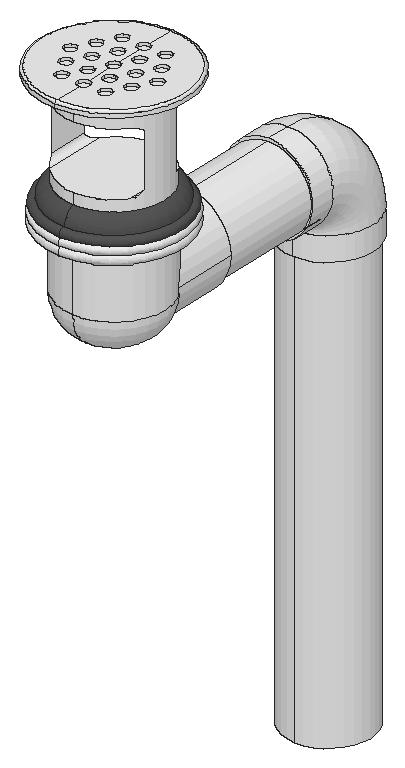
Revit family "Drain_Offset_Open-Grid_Commercial_American-Standard_7723018.002", category Plumbing Fixtures, Revit 2019
Family settings
  Round Connector Dimension = Use Diameter
  Part Type = Normal
  OmniClass Number = 23.45.05.14.99
  OmniClass Title = Other Sanitary Washing Plumbing Fixtures
  Work Plane-Based = Yes
  Always vertical = No
  Cut with Voids When Loaded = No
  Shared = Yes
  Room Calculation Point = No
Parameters (values of type "7723018.002")
  Width = 2 3/16"
  Waste Connection = yes
  WFU = 4  # constant formula
  Vent Connection = no
  URL = "https://www.americanstandard.ca/"
  Shipping Weight = ""
  Revised Date = "09/25/2024"
  Product Page URL = "https://www.americanstandard.ca/mechanical-commercial-fittings/offset-grid-strainer-drain-for-sinks/chrome-7723018002"
  Product Documentation Link = "https://lixil.cdn.celum.cloud/172556_as_us_bath_spec__7723%20(6939)_original.pdf"
  Price = "Prices may vary. Please consult Manufacturer Representative for most up-to-date price list."  # constant formula
  Model = "7723018.002"
  Min Max Adjustable Length = if(A < 1 1/4", 1 1/4", if(A > 1 1/2", 1 1/2", A))  # 1 1/2"
  Material = "Brass-American Standard-002-Polished Chrome"
  Manufacturer = "American Standard"
  Installation Type = "Surface Mounted"
  IAPMO Compliance = "ASME A112.18.2, CSA B 125.2"
  HWFU = 3  # constant formula
  HW Connection = no
  Finish = Brass-American Standard-002-Polished Chrome
  Description = "Offset grid drain with overflow for wheelchair lavatory. 4-3/4\" to 5\" offset. Brass construction."
  Default Elevation = 0"
  Creation Date = ""
  CWFU = 3  # constant formula
  CW Connection = no
  Assembly Code = "D2030400"
  ADA Compliant = yes
  A = 3"
Reference planes
  plane 1 "Center (Front/Back)": y = 0
  plane 2: z = 0
  plane 3 "Center (Left/Right)": x = 0
  plane 4: y = 19.05
  plane 5: x = 27.781
  plane 6: x = -27.781
  plane 7: y = 27.781
  plane 8: z = -266.7
  plane 9: y = 101.6
  plane 10: z = -73.025
  plane 11: z = -38.1
Forms (mm)
  Revolve 1, solid, material "Brass-American Standard-002-Polished Chrome" <- "Finish"
    sketch origin (0, 101.6, -265.877) x (0, 0, 1) y (0, -1, 0)
      loop
        line (266.7, 101.6) -> (175.56, 101.6) -> (175.56, 97.064)
        arc (175.56, 97.064) -> (179.936, 86.5) -> (190.5, 82.124) r 14.94
        line (190.5, 82.124) -> (210.929, 82.124) -> (210.929, 80.729) -> (212.852, 80.729) -> (212.852, 77.562)
        arc (212.852, 77.562) -> (214.125, 75.491) -> (216.387, 76.38) r 1.894
        arc (216.387, 76.38) -> (218.095, 75.415) -> (219.351, 76.921) r 1.531
        line (219.351, 76.921) -> (219.351, 82.55) -> (260.384, 82.55)
        arc (260.384, 82.55) -> (263.146, 81.406) -> (264.29, 78.645) r 3.905
        line (264.29, 78.645) -> (264.29, 73.819) -> (265.816, 73.819)
        arc (265.816, 73.819) -> (266.441, 74.078) -> (266.7, 74.702) r 0.884
        line (266.7, 74.702) -> (266.7, 101.6)
      axis (266.7, 101.6) -> (175.56, 101.6)
    angle from 0 to 360
  Sweep 2, solid, material "Brass-American Standard-002-Polished Chrome" <- "Finish"
    path origin (0, 101.6, -266.274) x (0, 0, 1) y (0, -1, 0)
      loop
        line (193.675, 67.973) -> (193.675, 101.6)
    profile origin (0, 16.813, -72.599) x (0, 0, -1) y (1, 0, 0)
      loop
        circle (0, 0) r 17.326
  Sweep 3, solid, material "Brass-American Standard-002-Polished Chrome" <- "Finish"
    path origin (0, 101.6, -264.29) x (0, 0, 1) y (0, -1, 0)
      loop
        line (191.265, 67.973) -> (191.265, 19.05)
        arc (191.265, 19.05) -> (185.685, 5.58) -> (172.215, 0) r 19.05
        line (172.215, 0) -> (-2.41, 0)
    profile origin (0, 58.088, -73.025) x (0, 0, 1) y (1, 0, 0)
      loop
        circle (0, 0) r 15.875
  Extrusion 4, void
    sketch origin (0, 101.6, -261.115) x (1, 0, 0) y (0, 0, 1)
      loop
        arc (-15.069, 251.076) -> (-16.795, 250.361) -> (-17.51, 248.635) r 2.441
        line (-17.51, 248.635) -> (-17.51, 229.479)
        arc (-17.51, 229.479) -> (-16.795, 227.753) -> (-15.069, 227.038) r 2.441
        line (-15.069, 227.038) -> (15.069, 227.038)
        arc (15.069, 227.038) -> (16.795, 227.753) -> (17.54, 229.479) r 2.441
        line (17.54, 229.479) -> (17.51, 248.635)
        arc (17.51, 248.635) -> (16.795, 250.361) -> (15.069, 251.076) r 2.441
        line (15.069, 251.076) -> (-15.069, 251.076)
    from 73.189 to 133.35
  Extrusion 5, void
    sketch origin (0, 0, 0) x (1, 0, 0) y (0, 1, 0)
      loop
        circle (0, 0) r 2.358
      loop
        circle (-8.256, 14.3) r 2.358
      loop
        circle (8.256, 14.3) r 2.358
      loop
        circle (0, 14.3) r 2.358
      loop
        circle (-16.512, 0) r 2.358
      loop
        circle (16.512, 0) r 2.358
      loop
        circle (8.256, -14.3) r 2.358
      loop
        circle (0, -14.3) r 2.358
      loop
        circle (-8.256, -14.3) r 2.358
      loop
        circle (-12.384, 7.15) r 2.358
      loop
        circle (12.384, 7.15) r 2.358
      loop
        circle (12.384, -7.15) r 2.358
      loop
        circle (-12.384, -7.15) r 2.358
      loop
        circle (-8.256, 0) r 2.358
      loop
        circle (8.256, 0) r 2.358
      loop
        circle (-4.096, 7.15) r 2.358
      loop
        circle (-4.096, -7.15) r 2.358
      loop
        circle (4.096, 7.15) r 2.358
      loop
        circle (4.096, -7.15) r 2.358
    from 0 to 12.752
  Revolve 6, solid, material "Rubber-American Standard-Black"
    sketch origin (0, 101.6, -264.29) x (0, 0, 1) y (0, -1, 0)
      loop
        line (226.19, 101.6) -> (217.763, 101.6) -> (217.763, 76.33)
        arc (217.763, 76.33) -> (219.901, 76.225) -> (220.454, 78.293) r 1.704
        arc (220.454, 78.293) -> (224.094, 79.38) -> (226.19, 82.55) r 5.569
        line (226.19, 82.55) -> (226.19, 101.6)
      axis (217.763, 101.6) -> (226.19, 101.6)
    angle from 0 to 360
  Sweep 7, solid, material "Brass-American Standard-002-Polished Chrome" <- "Finish"
    path origin (0, 101.6, -264.29) x (0, 0, 1) y (0, -1, 0)
      loop
        line (191.265, 28.271) -> (191.265, 19.05)
        arc (191.265, 19.05) -> (185.685, 5.58) -> (172.215, 0) r 19.05
        line (172.215, 0) -> (163.061, 0)
    profile origin (0, 77.939, -73.025) x (0, 0, 1) y (1, 0, 0)
      loop
        circle (0, 0) r 16.865
Cuts and joins
  Extrusion 4, Extrusion 5 cuts Revolve 1
Dimensions and locks
  plane 4 to Revolve 1 sketch curve = 3/4"
  equal spacing: plane 6, plane 3 "Center (Left/Right)", plane 5
  "Width": plane 6 to plane 5
  plane 7 to plane 1 "Center (Front/Back)" = 1 3/32"
  plane 2 to plane 8 = 10 1/2"
  plane 9 to plane 1 "Center (Front/Back)" = 4"
  plane 10 to plane 8 = 7 5/8"
  "Min Max Adjustable Length": plane 2 to plane 11
  locked: Revolve 1 sketch curve to plane 10 at 2.352
  Revolve 6 to Revolve 1 sketch curve to Revolve 1 sketch curve = 0.25585" locked, 0.07572" locked
  radius of Revolve 6 sketch curve = 0.06708"
  radius of Revolve 6 sketch curve = 0.21923"
  radius of Revolve 1 sketch curve = 0.06028"
  radius of Revolve 1 sketch curve = 0.07455"
  aligned and locked: Revolve 1 sketch curve to plane 7
  aligned and locked: plane 8 to Sweep 3 sketch curve
  aligned and locked: Sweep 3 sketch curve to plane 10
  aligned and locked: plane 1 "Center (Front/Back)" to Revolve 6 sketch curve
  aligned and locked: Revolve 6 sketch curve to plane 11
  aligned and locked: Revolve 1 sketch curve to Revolve 6
Automatic sketch dimensions
  Revolve 1 sketch curve to plane 1 "Center (Front/Back)" = 0"
  Revolve 1 sketch curve to plane 4 = 0"
  Revolve 1 sketch curve to Revolve 1 sketch curve = 0.58818"
  Revolve 1 sketch curve to Revolve 1 sketch curve = 0.07376"
  Revolve 1 sketch curve to level = 0.21626"
  Revolve 1 sketch curve to level = 1/16"
  Revolve 1 sketch curve to level = 0.00239"
  level to Revolve 1 sketch curve = 0.03239"
  plane 7 to Revolve 1 sketch curve = 0.12213"
  Revolve 1 sketch curve to Revolve 1 sketch curve = 0.0144"
  Revolve 1 sketch curve to plane 4 = 0.07171"
  Revolve 1 sketch curve to plane 4 = 0.01676"
  Revolve 1 sketch curve to Revolve 1 sketch curve = 2.59791"
  Revolve 1 sketch curve to Revolve 1 sketch curve = 1.86399"
  Sweep 2 sketch curve to plane 1 "Center (Front/Back)" = 0"
  Sweep 2 sketch curve to plane 10 = 0.01677"
  Sweep 2 sketch curve to Sweep 2 sketch curve = 1.32389"
  Sweep 2 sketch curve to profile plane = 0"  (x2)
  Sweep 3 sketch curve to plane 9 = 0"
  plane 10 to Sweep 3 sketch curve = 3/4"
  Sweep 3 sketch curve to plane 1 "Center (Front/Back)" = 1.32389"
  Sweep 3 sketch curve to profile plane = 0"  (x2)
  Extrusion 4 sketch curve to plane 11 = 0.25449"
  plane 6 to Extrusion 4 sketch curve = 0.40436"
  Extrusion 4 sketch curve to Extrusion 4 sketch curve = 0.09611"  (x3)
  Extrusion 4 sketch curve to plane 5 = 0.50047"  (x2)
  Extrusion 4 sketch curve to level = 0.49134"  (x2)
  Extrusion 4 sketch curve to Extrusion 4 sketch curve = 0.00117"
  Extrusion 4 sketch curve to Extrusion 4 sketch curve = 0"  (x2)
  plane 1 "Center (Front/Back)" to Extrusion 5 sketch curve = 0"  (x5)
  Extrusion 5 sketch curve to plane 3 "Center (Left/Right)" = 0"  (x3)
  Extrusion 5 sketch curve to plane 3 "Center (Left/Right)" = 0.16127"  (x2)
  Extrusion 5 sketch curve to plane 3 "Center (Left/Right)" = 0.32504"  (x2)
  Extrusion 5 sketch curve to Extrusion 5 sketch curve = 0.32504"  (x3)
  Extrusion 5 sketch curve to Extrusion 5 sketch curve = 0.16252"  (x6)
  plane 3 "Center (Left/Right)" to Extrusion 5 sketch curve = 0.16127"  (x2)
  plane 3 "Center (Left/Right)" to Extrusion 5 sketch curve = 0.32504"
  plane 1 "Center (Front/Back)" to Extrusion 5 sketch curve = 0.28149"  (x4)
  Extrusion 5 sketch curve to Extrusion 5 sketch curve = 0.28149"  (x6)
  Extrusion 5 sketch curve to plane 1 "Center (Front/Back)" = 0.28149"  (x4)
  Revolve 6 sketch curve to plane 1 "Center (Front/Back)" = 0"
  plane 11 to Revolve 6 sketch curve = 0.21316"
  Revolve 6 sketch curve to Revolve 6 sketch curve = 0.07399"
  Revolve 6 sketch curve to Revolve 6 sketch curve = 0.33176"
  Revolve 6 sketch curve to plane 1 "Center (Front/Back)" = 0.69874"
  Revolve 6 sketch curve to Revolve 6 sketch curve = 63/256"
  Revolve 6 sketch curve to Revolve 6 sketch curve = 0.05509"
  level to Revolve 6 sketch curve = 3.19491"
  Sweep 7 sketch curve to plane 9 = 0"
  plane 10 to Sweep 7 sketch curve = 0"
  Sweep 7 sketch curve to Sweep 7 sketch curve = 3/4"
  Sweep 7 sketch curve to Sweep 7 sketch curve = 0.36039"
  Sweep 7 sketch curve to Sweep 7 sketch curve = 0.36305"
  Sweep 7 sketch curve to profile plane = 0"  (x2)
  radius of Sweep 2 sketch curve = 0.68211"
  radius of Sweep 3 sketch curve = 5/8"
  radius of Extrusion 5 sketch curve = 0.09284"  (x19)
  radius of Sweep 7 sketch curve = 0.66397"
Connectors
  piping at (0, 101.6, -266.7), diameter 31.75, driven by "WFU"
    settings: on Sweep 3, index 1, connector inside diameter 24", connector length 0", flow factor 0, pipe flow 0 GPM, pressure drop 0.00 psi, fitting loss kfactor 0, connector angle 0.00°, fixture units 4, engagement length 0", angle of deflection 0.00°, flow configuration 3, flow direction 2, fitting loss method 0, system type 16, joint type 0, gender type 0, connector reference index -1, connector utility 0, adjustable connector no, is connector primary yes, connector description "1 1/4\" Sanitary Outlet"
